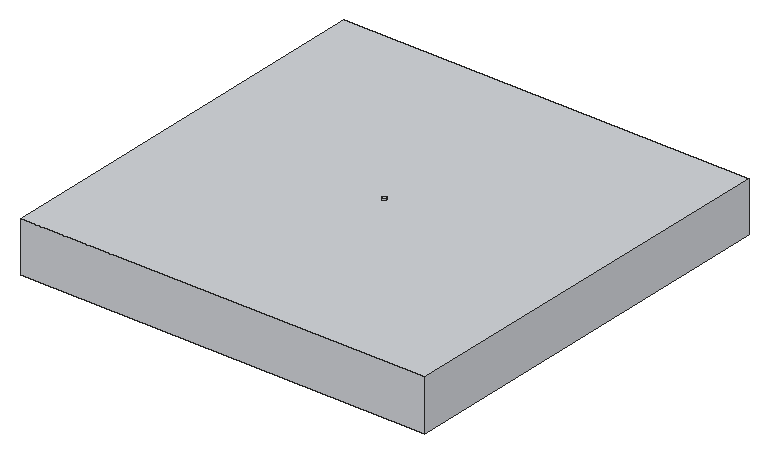
Revit family "M_Elétrica - Conector de alimentação equilibrada", category Iluminação elétrica, Revit 2019
Family settings
  Hospedeiro = Face
  Manter orientação da anotação = Não
  Cota do conector redondo = Utilizar diâmetro
  Tipo de parte = Normal
  Número OmniClass = 23.80.00.00
  Título OmniClass = Electric Power and Lighting
  ID de item do Seek = Electrical Fixtures - Balanced Power Connector-0000-CAN-ENU
  Corte com vazios quando carregada = Não
  Compartilhado = Não
  Ponto de cálculo do ambiente = Não
Parameters (values of type "480 V")
  Espessura = 3.2 mm
  Raio = 0.5 * Diâmetro  # 12.7 mm
  Classificação de carga = Outros
  Diâmetro = 25.4 mm
  Elevação-padrão = 1200 mm
  Voltagem do conector = 480 V
  Número de pólos do conector = 3
Types (6, lengths in mm): name | Espessura | Voltagem do conector | Número de pólos do conector
  (no name) | 3.2 | 480 V | 3
  120 V | 3.175 | 120 V | 1
  208 V | 3.175 | 208 V | 3
  277 V | 3.175 | 277 V | 1
  240 V | 3.175 | 240 V | 2
  480 V | 3.2 | 480 V | 3
Reference planes
  plane 1 "Centro (Frente/Trás)": y = 0
  plane 2: z = 0
  plane 3 "Centro (Esquerda/Direita)": x = 0
  plane 4: z = 3.2
Forms (mm)
  Extrusion 1, solid
    sketch origin (0, 0, 0) x (1, 0, 0) y (0, 1, 0)
      loop
        line (-1219.2, 1219.2) -> (-1219.2, -1219.2) -> (1219.2, -1219.2) -> (1219.2, 1219.2) -> (-1219.2, 1219.2)
    from 0 to -304.8
  Extrusion 2, solid
    sketch origin (0, 0, 0) x (1, 0, 0) y (0, 1, 0)
      loop
        circle (0, 0) r 12.7
    from 0 to 3.2
Dimensions and locks
  "Espessura": plane 4 to level
  "Raio": radius of Extrusion 2 sketch curve
  aligned and locked: plane 2 to Extrusion 1
  aligned and locked: level to Extrusion 1
  aligned and locked: plane 4 to Extrusion 2
  aligned and locked: plane 3 "Centro (Esquerda/Direita)" to Extrusion 2 sketch curve
  aligned and locked: plane 1 "Centro (Frente/Trás)" to Extrusion 2 sketch curve
Automatic sketch dimensions
  Extrusion 1 sketch curve to Extrusion 1 sketch curve = 2438.4 mm  (x2)
Connectors
  electrical at (0, 0, 3.2), driven by "Número de pólos do conector", driven by "Voltagem do conector", driven by "Classificação de carga"
    settings: on Extrusion 2, index 1, voltage 480 V, apparent load 0 VA, apparent load phase1 0 VA, apparent load phase2 0 VA, apparent load phase3 0 VA, power factor 1, load classification "Outros", number of poles 3, system type 30, power factor state 1, is connector primary yes, connector utility no, sub classification motor no, connector description ""
